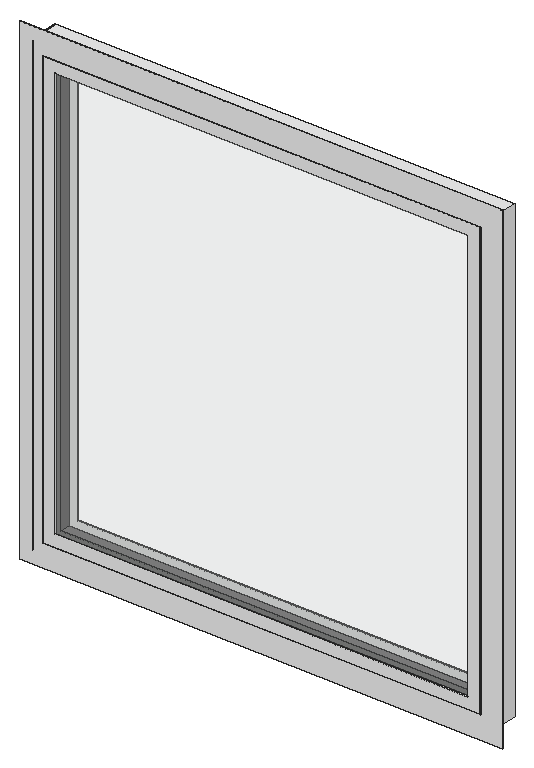
Revit family "Casement_28_C_Top_Hung_Custom", category Windows, host Wall, Revit 2014
Parameters (values of type "Casement_Sash_DG")
  Width Sash [instance] = 30 mm
  Width Sash Inner = 15 mm
  Width Bead = 15 mm
  Top Hung [instance] = yes
  Side Hung Right [instance] = yes
  Side Hung Left [instance] = yes
  Sash Opening Width [instance] = 600 mm
  Sash Opening Height [instance] = 600.312 mm
  Sash Lip = 15 mm
  Glazing Material [instance] = Glass
  DG Start Piece 2 [instance] = DG End Piece 1 + DG Gasket Thickness  # 25 mm
  DG Start Peice 1 [instance] = (Depth Sash - (2 * DG Glazing Thickness) - DG Gasket Thickness) / 2  # 6.6 mm
  Glazing Offset = 5 mm
  DG Glazing Thickness [instance] = 6.4 mm
  DG Gasket Thickness = 12 mm  # constant formula
  DG Gasket Material [instance] = Double Glazing Gasket Material
  DG End Piece 2 [instance] = DG Start Piece 2 + DG Glazing Thickness  # 31.4 mm
  DG End Piece 1 [instance] = DG Start Peice 1 + DG Glazing Thickness  # 13 mm
  Depth Sash [instance] = 38 mm
  Center Vertical Sash [instance] = Sash Opening Height / 2  # 300.156 mm
  Center Horizontal Sash [instance] = Sash Opening Width / 2  # 300 mm
  Bottom Hung [instance] = yes
  Bead Offset = 15 mm
  Aluminium Thickness = 1 mm
  Aluminium Material [instance] = White Powder Coated Aluminium
Reference planes
  plane 1 "Center (Front/Back)": y = 0
  plane 2: z = 0
  plane 3 "Center (Left/Right)": x = 0
Forms (mm)
  Sweep 1, solid, material "White Powder Coated Aluminium" <- "Aluminium Material"
    path origin (16.177, 0, 121.331) x (1, 0, 0) y (0, 0, 1)
      loop
        line (0, 0) -> (600, 0) -> (600, 600.312) -> (0, 600.312) -> (0, 0)
    profile origin (316.177, 0, 121.331) x (0, 0, 1) y (0, -1, 0)
      loop
        line (0, 0) -> (30, 0) -> (30, 1) -> (15, 1) -> (15, 38) -> (-15, 38) -> (-15, 37) -> (0, 37) -> (0, 0)
      loop
        line (14, 1) -> (14, 37) -> (1, 37) -> (1, 1) -> (14, 1)
  Sweep 2, solid, material "White Powder Coated Aluminium" <- "Aluminium Material"
    path origin (0, 0, 0) x (1, 0, 0) y (0, 0, 1)
      loop
        line (31.177, 706.643) -> (31.177, 136.331) -> (601.177, 136.331) -> (601.177, 706.643) -> (31.177, 706.643)
    profile origin (316.177, 0, 706.643) x (0, 0, 1) y (0, -1, 0)
      loop
        line (0, 37) -> (0, 38) -> (-15, 38) -> (-15, 37) -> (0, 37)
  Extrusion 3, solid, material "Glass" <- "Glazing Material"
    sketch origin (0, 0, 0) x (1, 0, 0) y (0, 0, 1)
      loop
        line (36.177, 701.643) -> (36.177, 141.331) -> (596.177, 141.331) -> (596.177, 701.643) -> (36.177, 701.643)
    from 6.6 <- "DG Start Peice 1" to 13 <- "DG End Piece 1"
  Extrusion 4, solid, material "Glass" <- "Glazing Material"
    sketch origin (0, 0, 0) x (1, 0, 0) y (0, 0, 1)
      loop
        line (36.177, 701.643) -> (36.177, 141.331) -> (596.177, 141.331) -> (596.177, 701.643) -> (36.177, 701.643)
    from 31.4 <- "DG End Piece 2" to 25 <- "DG Start Piece 2"
  Sweep 5, solid, material "Double Glazing Gasket Material" <- "DG Gasket Material"
    path origin (0, -13, 0) x (1, 0, 0) y (0, 0, 1)
      loop
        line (36.177, 701.643) -> (36.177, 141.331) -> (596.177, 141.331) -> (596.177, 701.643) -> (36.177, 701.643)
    profile origin (316.177, -13, 701.643) x (0, 0, 1) y (0, -1, 0)
      loop
        line (0, 0) -> (0, 12) -> (-7.96, 12) -> (-7.96, 0) -> (0, 0)
Lines and regions (mm)
  model lines
    curve 1: line (1.177, -38, 736.643) -> (31.177, -38, 706.643)
    curve 2: line (601.177, -38, 706.643) -> (631.177, -38, 736.643)
    curve 3: line (601.177, -38, 136.331) -> (631.177, -38, 106.331)
    curve 4: line (1.177, -38, 106.331) -> (31.177, -38, 136.331)
    curve 5: line (631.177, -37, 736.643) -> (616.177, -37, 721.643)
    curve 6: line (1.177, -37, 736.643) -> (16.177, -37, 721.643)
    curve 7: line (1.177, -37, 106.331) -> (16.177, -37, 121.331)
    curve 8: line (631.177, -37, 106.331) -> (616.177, -37, 121.331)
    curve 9: line (616.177, 0, 121.331) -> (586.177, 0, 151.331)
    curve 10: line (46.177, 0, 151.331) -> (16.177, 0, 121.331)
    curve 11: line (616.177, 0, 721.643) -> (586.177, 0, 691.643)
    curve 12: line (46.177, 0, 691.643) -> (16.177, 0, 721.643)
    curve 13: line (31.177, -38, 691.643) -> (46.177, -38, 691.643)
    curve 14: line (586.177, -38, 691.643) -> (601.177, -38, 691.643)
    curve 15: line (586.177, -38, 151.331) -> (601.177, -38, 151.331)
    curve 16: line (31.177, -38, 151.331) -> (46.177, -38, 151.331)
  model lines, style "GenericModelHiddenLines", visible <- "Top Hung"
    curve 17: line (46.386, -31.4, 690.914) -> (316.177, -31.4, 151.331)
    curve 18: line (316.177, -31.4, 151.331) -> (586.177, -31.4, 691.331)
  model lines, style "GenericModelHiddenLines", visible <- "Bottom Hung"
    curve 19: line (46.177, -31.4, 151.331) -> (316.177, -31.4, 691.331)
    curve 20: line (316.177, -31.4, 691.331) -> (586.177, -31.4, 151.331)
  model lines, style "GenericModelHiddenLines", visible <- "Side Hung Left"
    curve 21: line (46.386, -31.4, 690.914) -> (585.24, -31.4, 421.487)
    curve 22: line (585.24, -31.4, 421.487) -> (46.177, -31.4, 151.331)
  model lines, style "GenericModelHiddenLines", visible <- "Side Hung Right"
    curve 23: line (586.177, -31.4, 691.331) -> (46.177, -31.4, 421.487)
    curve 24: line (46.177, -31.4, 421.487) -> (586.177, -31.4, 151.331)
Dimensions and locks
  "Aluminium Thickness": Sweep 1 sketch curve to Sweep 1 sketch curve  (x4)
  "Depth Sash": Sweep 1 sketch curve to Sweep 1 sketch curve
  "Sash Opening Width": Sweep 1 to Sweep 1
  "Sash Opening Height": Sweep 1 to Sweep 1
  "Width Sash": Sweep 1 sketch curve to Sweep 1 sketch curve  (x2)
  "Width Sash Inner": Sweep 1 sketch curve to Sweep 1 sketch curve
  "Sash Lip": Sweep 1 sketch curve to Sweep 1 sketch curve
  "Aluminium Thickness": Sweep 1 to Sweep 2 sketch curve
  "Glazing Offset": Sweep 2 to Extrusion 3 sketch curve  (x3)
  "Glazing Offset": Extrusion 3 sketch curve to Sweep 2
  Sweep 1 to Sweep 1 = 1 mm
  "Aluminium Thickness": Sweep 2 sketch curve to Sweep 2 sketch curve
  "Width Bead": Sweep 2 sketch curve to Sweep 2 sketch curve
  locked: Sweep 5 sketch curve to Sweep 5 sketch curve at 7.96
  "Center Horizontal Sash": Sweep 1 to curve 18
  "Center Horizontal Sash": Sweep 1 to curve 20
  "Center Vertical Sash": Sweep 1 to curve 22
  "Center Vertical Sash": Sweep 1 to curve 24
  aligned and locked: level to plane 2
  aligned and locked: Sweep 1 sketch curve to Sweep 1 sketch curve  (x2)
  aligned and locked: Sweep 2 sketch curve to Sweep 1  (x5)
  aligned and locked: Extrusion 4 sketch curve to Extrusion 3  (x4)
  aligned and locked: Sweep 5 sketch curve to Extrusion 3  (x5)
  aligned and locked: Extrusion 3 to Sweep 5 sketch curve
Automatic sketch dimensions
  plane 3 "Center (Left/Right)" to Sweep 1 sketch curve = 16.177 mm
  level to Sweep 1 sketch curve = 121.331 mm
  plane 3 "Center (Left/Right)" to Sweep 1 sketch curve = 616.177 mm
  level to Sweep 1 sketch curve = 721.643 mm
  profile plane to Sweep 5 sketch curve = 12 mm
  curve 7 to Sweep 1 = 0 mm  (x4)
  curve 6 to Sweep 1 = 0 mm  (x3)
  Sweep 1 to curve 6 = 0 mm
  curve 5 to Sweep 1 = 0 mm  (x3)
  curve 8 to Sweep 1 = 0 mm  (x4)
  Sweep 1 to curve 5 = 0 mm
  curve 16 to Sweep 2 = 0 mm  (x3)
  curve 13 to Sweep 2 = 0 mm  (x3)
  curve 15 to Sweep 2 = 0 mm
  Sweep 2 to curve 15 = 0 mm  (x2)
  curve 14 to Sweep 2 = 0 mm  (x2)
  Sweep 2 to curve 14 = 0 mm
  curve 1 to Sweep 1 = 0 mm  (x4)
  curve 4 to Sweep 1 = 0 mm  (x3)
  Sweep 1 to curve 4 = 0 mm
  curve 3 to Sweep 1 = 0 mm  (x3)
  curve 2 to Sweep 1 = 0 mm  (x4)
  Sweep 1 to curve 3 = 0 mm
  curve 10 to Sweep 1 = 0 mm  (x4)
  curve 12 to Sweep 1 = 0 mm  (x3)
  Sweep 1 to curve 12 = 0 mm
  curve 9 to Sweep 1 = 0 mm  (x4)
  curve 11 to Sweep 1 = 0 mm  (x3)
  Sweep 1 to curve 11 = 0 mm
  Sweep 1 sketch curve to plane 1 "Center (Front/Back)" = 0 mm
  profile plane to Sweep 1 sketch curve = 0 mm
  curve 21 to Extrusion 4 = 10.208 mm
  curve 19 to Extrusion 4 = 10 mm
  curve 23 to Extrusion 4 = 10 mm  (x2)
  curve 22 to Extrusion 4 = 10.937 mm
  curve 20 to Extrusion 4 = 10 mm
  curve 24 to Extrusion 4 = 10 mm
  curve 22 to Extrusion 4 = 10 mm
  curve 18 to Extrusion 4 = 10 mm
  curve 21 to Extrusion 4 = 10.729 mm
  curve 19 to Extrusion 4 = 10.312 mm
  curve 18 to Extrusion 4 = 10.312 mm
